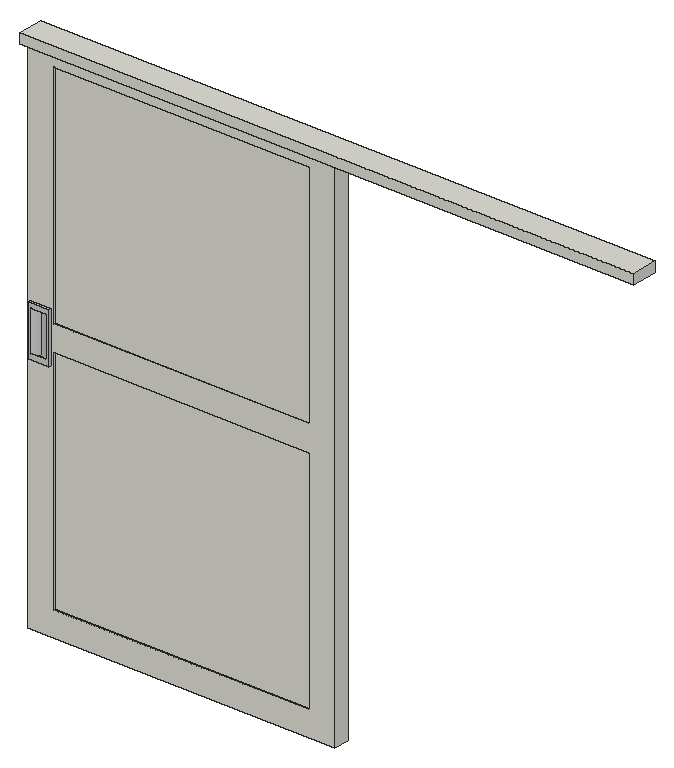
Revit family "D1_鐵推門(甲種防火門)1", category 門, Revit 2014
Parameters (values of type "D1_鐵推門(甲種防火門)")
  解析營造 = "<無>"
  功能 = 室內
  外部框架投影 = 2.5 cm
  內部框架投影 = 2.5 cm
  框寬 = 7.5 cm
  高度 = 210 cm
  牆封閉 = 依主體
  寬度 = 120 cm
Reference planes (cm)
  plane 1: y = 0
  plane 2 "中心 (左/右)": x = 0
  plane 3 "左": x = -60
  plane 4 "右": x = 60
  plane 5: z = 210
  plane 6 "外部": y = 7.5
  plane 7 "內部": y = -7.5
  plane 8: z = 105
  plane 9: z = 105
Forms (cm)
  Extrusion 1, solid, material "鋼、油漆塗層、象牙白色、霧面"
    sketch origin (0, -7.5, 0) x (1, 0, 0) y (0, 0, 1)
      loop
        line (-60, 206) -> (-60, 0) -> (60, 0) -> (60, 206) -> (-60, 206)
      loop
        line (-50, 200) -> (-50, 110) -> (50, 110) -> (50, 200) -> (-50, 200)
      loop
        line (50, 100) -> (-50, 100) -> (-50, 10) -> (50, 10) -> (50, 100)
    from 0 to 6
  Extrusion 2, solid, material "鋼、油漆塗層、象牙白色、霧面"
    sketch origin (0, -7.5, 0) x (1, 0, 0) y (0, 0, 1)
      loop
        line (-50, 200) -> (-50, 110) -> (50, 110) -> (50, 200) -> (-50, 200)
      loop
        line (-50, 100) -> (-50, 10) -> (50, 10) -> (50, 100) -> (-50, 100)
    from 5.5 to 0.5
  Extrusion 3, solid, material "鋼、油漆塗層、象牙白色、霧面"
    sketch origin (-500, -7.5, 0) x (1, 0, 0) y (0, 0, 1)
      loop
        line (440, 210) -> (440, 206) -> (680, 206) -> (680, 210) -> (440, 210)
    from 10 to 0
  Extrusion 4, solid, material "鋼、鍍鋅"
    sketch origin (0, -13.5, 0) x (-1, 0, 0) y (0, 0, -1)
      loop
        line (59, -115) -> (59, -95) -> (51, -95) -> (51, -115) -> (59, -115)
    from 1 to 0
  Extrusion 5, void
    sketch origin (0, -21, 0) x (0, 1, 0) y (1, 0, 0)
      loop
        circle (2.4787, -55.0512) r 5
    from -113 to -97
  Extrusion 6, solid, material "鋼、鍍鋅"
    sketch origin (0, -7.5, 0) x (-1, 0, 0) y (0, 0, 1)
      loop
        line (59, 115) -> (51, 115) -> (51, 95) -> (59, 95) -> (59, 115)
    from 1 to 0
  Extrusion 7, void
    sketch origin (0, 0, 0) x (0, 1, 0) y (1, 0, 0)
      loop
        circle (-2.4787, -55.0512) r 5
    from -113 to -97
Cuts and joins
  Extrusion 5, Extrusion 7 cuts Extrusion 4
  Extrusion 7 cuts Extrusion 6
Lines and regions (cm)
  Opening 1
    outline origin (-305, -7.5, 0) x (1, 0, 0) y (0, 0, 1)
      loop
        line (245, 0) -> (365, 0) -> (365, 210) -> (245, 210) -> (245, 0)
  symbolic lines, style "Doors"
    curve 1: line (-10, 7.5, 105.0764) -> (10, 7.5, 105.0764)
    curve 2: line (10, 7.5, 105.0764) -> (6.335, 7.5, 108.7414)
    curve 3: line (10, 7.5, 105.0764) -> (6.335, 7.5, 101.4115)
  symbolic lines, style "平面圖打開方向"
    curve 4: line (60, -10.5, 0) -> (180, -10.5, 0)
Text (cm)
  text "外部" at (-229.5016, 109.9543, 0), in view "參考樓層"
  text "外部" at (0, 161.538, 369.8081), in view "左"
  text "外部" at (0, 103.6032, 387.4932), in view "右"
Dimensions and locks (cm)
  equal spacing: plane 3 "左", plane 2 "中心 (左/右)", plane 4 "右"
  "寬度": plane 3 "左" to plane 4 "右"
  "高度": plane 5 to host wall
  host wall to plane 5 = 210 cm  (x2)
  locked: plane 6 "外部" to host wall at 0
  locked: plane 7 "內部" to host wall
  aligned and locked: plane 3 "左" to Opening 1 sketch curve
  aligned and locked: plane 5 to Opening 1 sketch curve  (x2)
  aligned and locked: Opening 1 sketch curve to plane 4 "右"
  aligned and locked: Opening 1 sketch curve to level
  aligned and locked: plane 1 to host wall
Automatic sketch dimensions
  Extrusion 1 sketch curve to level = 0 cm
  plane 3 "左" to Extrusion 1 sketch curve = 0 cm
  plane 4 "右" to Extrusion 1 sketch curve = 0 cm
  level to Extrusion 1 sketch curve = 10 cm
  Extrusion 1 sketch curve to plane 3 "左" = 10 cm  (x2)
  plane 4 "右" to Extrusion 1 sketch curve = 10 cm  (x2)
  Extrusion 1 sketch curve to Extrusion 1 sketch curve = 90 cm
  Extrusion 1 sketch curve to Extrusion 1 sketch curve = 10 cm
  plane 5 to Extrusion 1 sketch curve = 10 cm
  plane 5 to Extrusion 1 sketch curve = 4 cm
  Extrusion 2 sketch curve to plane 3 "左" = 10 cm  (x2)
  level to Extrusion 2 sketch curve = 10 cm
  plane 4 "右" to Extrusion 2 sketch curve = 10 cm  (x2)
  Extrusion 2 sketch curve to Extrusion 2 sketch curve = 90 cm
  Extrusion 2 sketch curve to Extrusion 2 sketch curve = 10 cm
  plane 5 to Extrusion 2 sketch curve = 10 cm
  plane 2 "中心 (左/右)" to curve 1 = 10 cm
  plane 5 to curve 1 = 104.9236 cm
  curve 1 to plane 2 "中心 (左/右)" = 10 cm
  curve 3 to curve 1 = 3.665 cm  (x2)
  curve 2 to curve 1 = 3.665 cm
  curve 4 to plane 4 "右" = 0 cm
  host wall to curve 4 = 3 cm
  curve 4 to curve 4 = 120 cm
  plane 3 "左" to Extrusion 3 sketch curve = 0 cm
  Extrusion 3 sketch curve to plane 5 = 0 cm
  plane 5 to Extrusion 3 sketch curve = 4 cm
  Extrusion 3 sketch curve to plane 4 "右" = 120 cm
  Extrusion 4 sketch curve to plane 3 "左" = 9 cm
  Extrusion 4 sketch curve to plane 8 = 10 cm
  Extrusion 4 sketch curve to plane 3 "左" = 1 cm
  plane 8 to Extrusion 4 sketch curve = 10 cm
  Extrusion 5 sketch curve to plane 3 "左" = 4.9488 cm
  host wall to Extrusion 5 sketch curve = 11.0213 cm
  Extrusion 6 sketch curve to plane 3 "左" = 9 cm
  Extrusion 6 sketch curve to plane 3 "左" = 1 cm
  plane 9 to Extrusion 6 sketch curve = 10 cm
  Extrusion 6 sketch curve to plane 9 = 10 cm
  host wall to Extrusion 7 sketch curve = 2.4787 cm
  Extrusion 7 sketch curve to plane 3 "左" = 4.9488 cm
  radius of Extrusion 5 sketch curve = 5 cm
  radius of Extrusion 7 sketch curve = 5 cm
